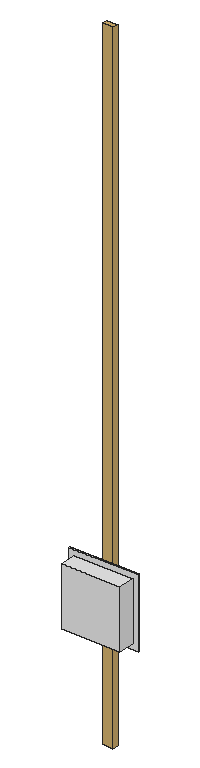
Revit family "3-52-xxxx - Zora Sconce", category Lighting Fixtures, host Wall, Revit 2018
Family settings
  Host = Wall
  Round Connector Dimension = Use Diameter
  Part Type = Normal
  OmniClass Number = 23.80.70.00
  OmniClass Title = Lighting
  Always vertical = Yes
  Cut with Voids When Loaded = No
  Light Source = Yes
  Shared = No
  Room Calculation Point = No
Parameters (values of type "3-52-650 / White - Indrustrial Brass")
  Wattage Comments = "1 x 24.8w at 120"  # constant formula
  Wattage = 9.2903 W
  built-in parameter 1150110 = 1 (stored number, unit not read)
  Voltage Input = "120 V or 277 V - 50/60 Hz"  # constant formula
  Voltage = 120 V
  URL = "www.oxygenlighting.com"
  built-in parameter 1114217 = 1 (stored number, unit not read)
  built-in parameter 1150109 = 1 (stored number, unit not read)
  built-in parameter 1150134 = (empty or 0)
  built-in parameter 1150113 = 1 (stored number, unit not read)
  References = "Ref. 3 = 120 V / Ref. 37 = 277 V"  # constant formula
  Model = "3-52-xxxx / Zora Sconce"  # constant formula
  Metal Finish 2 = 6 - White
  Metal Finish 1 = 50 - Industrial Brass
  Manufacturer = "Oxygen - Lighting & Fans"  # constant formula
  Lumens = 1380 lm
  built-in parameter 1150115 = 1 (stored number, unit not read)
  built-in parameter 1150105 = 109.82 (stored number, unit not read)
  Light Source Symbol Size = 2 ft
  built-in parameter 1150137 = (empty or 0)
  built-in parameter 1150139 = (empty or 0)
  built-in parameter 1150112 = 1 (stored number, unit not read)
  built-in parameter 1150114 = 1 (stored number, unit not read)
  Lamp = "LED Array"  # constant formula
  built-in parameter 1150132 = 2
  built-in parameter 1150102 = (empty or 0)
  built-in parameter 1150138 = (empty or 0)
  built-in parameter 1150107 = 3000 (stored number, unit not read)
  built-in parameter 1150106 = 1.0982 (stored number, unit not read)
  built-in parameter 1150104 = 13.8 (stored number, unit not read)
  Dimming Lamp Color Temperature Shift = <None>
  Color Filter = 16777215
  built-in parameter 1114218 = 1 (stored number, unit not read)
  built-in parameter 1150133 = 10 (stored number, unit not read)
Types (2, lengths in ft): name | Metal Finish 2
  3-52-650 / White - Indrustrial Brass | 6 - White
  3-52-1550 / Black - Indrustrial Brass | 15 - Black
Reference planes (ft)
  plane 1: y = 0
  plane 2 "Light Source Axis (L/R)": x = 0.410105
  plane 3 "Light Source Axis (F/R)": y = 0.492126
  plane 4 "Light Source Elevation": z = 5.905512
  plane 5: y = 0.246063
  plane 6: y = 0.393391
Forms (ft)
  Extrusion 1, solid, material "6 - White" <- "Metal Finish 2"
    sketch origin (0, 0.492126, 0) x (1, 0, 0) y (0, 0, 1)
      loop
        line (0.62336, 6.118766) -> (0.19685, 6.118766) -> (0.19685, 5.692257) -> (0.62336, 5.692257) -> (0.62336, 6.118766)
    from 0.141386 to 0.147821
  Extrusion 2, solid, material "6 - White" <- "Metal Finish 2"
    sketch origin (0, 0.492126, 0) x (1, 0, 0) y (0, 0, 1)
      loop
        line (0.590551, 6.085958) -> (0.229659, 6.085958) -> (0.229659, 5.725066) -> (0.590551, 5.725066) -> (0.590551, 6.085958)
    from 0.147821 to 0.246063
  Revolve 3, solid, material "50 - Industrial Brass" <- "Metal Finish 1"
    sketch origin (0, 0, 5.905512) x (1, 0, 0) y (0, 1, 0)
      loop
        line (0.492126, 0.42948) -> (0.410105, 0.42948) -> (0.410105, 0.35074) -> (0.470486, 0.35074) -> (0.470486, 0.357301) -> (0.492126, 0.357301) -> (0.492126, 0.42948)
      axis (0.410105, 0.42948) -> (0.410105, 0.35074)
    angle from 0 to 360
  Extrusion 4, solid, material "50 - Industrial Brass" <- "Metal Finish 1"
    sketch origin (6.315617, 0, 5.915354) x (0, 1, 0) y (-1, 0, 0)
      loop
        line (0.409716, 5.938121) -> (0.377066, 5.938121) -> (0.377066, 5.872903) -> (0.409716, 5.872903) -> (0.409716, 5.938121)
    from -0.830052 to 3.139764
  Extrusion 5, void
    sketch origin (6.157332, 0.503465, 5.905512) x (0, 1, 0) y (-1, 0, 0)
      loop
        line (-0.1264, 5.779835) -> (-0.1264, 5.714618) -> (-0.09375, 5.714618) -> (-0.09375, 5.779835) -> (-0.1264, 5.779835)
    from -0.180446 to 0.180446
Cuts and joins
  Extrusion 5 cuts Revolve 3
Text (ft)
  text "Placement side" at (-5.863317, 3.663974, 0), in view "Ref. Level"
  text "Placement side" at (0, 6.92387, 9.796778), in view "Left"
  text "Placement side" at (0, 2.061937, 9.881781), in view "Right"
Dimensions and locks (ft)
  equal spacing: Extrusion 1 sketch curve, plane 4 "Light Source Elevation", Extrusion 1 sketch curve
  locked: Extrusion 1 sketch curve to Extrusion 1 sketch curve at 0.426509  (x2)
  equal spacing: Extrusion 1 sketch curve, plane 2 "Light Source Axis (L/R)", Extrusion 1 sketch curve
  equal spacing: Extrusion 2 sketch curve, plane 2 "Light Source Axis (L/R)", Extrusion 2 sketch curve
  locked: Extrusion 2 sketch curve to Extrusion 2 sketch curve at 0.360892  (x2)
  equal spacing: Extrusion 2 sketch curve, plane 4 "Light Source Elevation", Extrusion 2 sketch curve
  locked: plane 5 to Extrusion 2 at 0.098242
  locked: Extrusion 1 to Extrusion 1 at 0.006434
  locked: Revolve 3 sketch curve to Extrusion 1 at 0.006562
  locked: Revolve 3 sketch curve to Revolve 3 sketch curve at 0.072178
  locked: Revolve 3 sketch curve to Revolve 3 sketch curve at 0.082021
  locked: Revolve 3 to plane 6 at 0.036089
  Extrusion 4 to plane 4 "Light Source Elevation" to Extrusion 4 = 0.82021 ft locked, 3.149606 ft locked
  equal spacing: Extrusion 4 sketch curve, plane 6, Extrusion 4 sketch curve
  Extrusion 4 sketch curve to Extrusion 4 sketch curve = 0.03265 ft
  equal spacing: Extrusion 4 sketch curve, plane 2 "Light Source Axis (L/R)", Extrusion 4 sketch curve
  locked: Extrusion 4 sketch curve to Extrusion 4 sketch curve at 0.065218
  Extrusion 4 to Extrusion 4 = 3.969816 ft
  aligned and locked: plane 1 to host wall
  aligned and locked: plane 2 "Light Source Axis (L/R)" to imposter light
  aligned and locked: plane 3 "Light Source Axis (F/R)" to imposter light
  aligned and locked: plane 4 "Light Source Elevation" to imposter light
  aligned and locked: plane 5 to host wall
  aligned and locked: plane 5 to Extrusion 2
  aligned and locked: Extrusion 1 to Extrusion 2
  aligned and locked: Extrusion 5 sketch curve to Extrusion 4  (x4)
Connectors (ft)
  electrical at (0.410105, 0.246063, 5.905512), driven by "Voltage"
    settings: on Extrusion 2, index 1, voltage 120 V, apparent load 0 VA, apparent load phase1 0 VA, apparent load phase2 0 VA, apparent load phase3 0 VA, power factor 1, load classification "Other", number of poles 1, system type 31, power factor state 1, is connector primary yes, connector utility no, sub classification motor no, connector description ""
